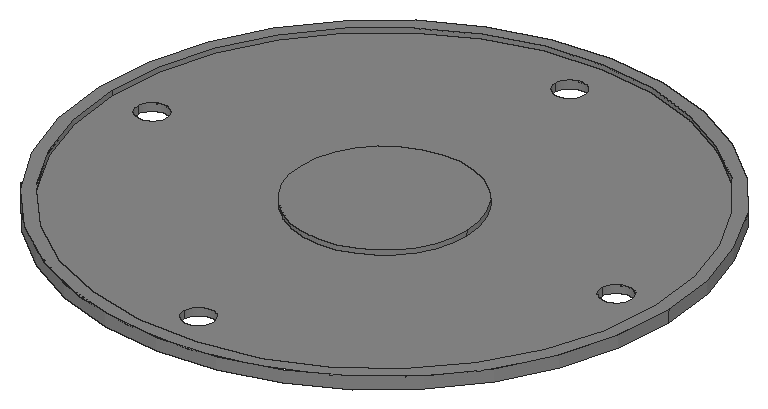
Revit family "a21c3b94cb94443cb674364ef0158597", category Site, Revit 2021
Family settings
  Round Connector Dimension = Use Diameter
  Part Type = Normal
  Seek Item ID = Manhole-0000-USA-ENU
  Work Plane-Based = No
  Always vertical = No
  Cut with Voids When Loaded = No
  Shared = No
Parameters (values of type "Manhole")
  Diameter = 2' - 0"
Reference planes (in)
  plane 1 "Center (Front/Back)": y = 0
  plane 2: z = 0
  plane 3 "Center (Left/Right)": x = 0
  plane 4: x = -12
  plane 5: x = 12
  plane 6: y = 12
  plane 7: y = -12
  plane 8: x = -12
  plane 9: x = 12
Forms (in)
  Extrusion 1, solid, material "Steel, Paint Finish, Dark Gray, Matte"
    sketch origin (0, 0, 0) x (1, 0, 0) y (0, 1, 0)
      loop
        circle (0, 0) r 12
      loop
        circle (0, -9.7853) r 0.63034
      loop
        circle (0, 9.7853) r 0.63034
      loop
        circle (-9.7853, 0) r 0.63034
      loop
        circle (9.7853, 0) r 0.63034
    from 0 to 0.5
  Extrusion 2, void
    sketch origin (0, 0, 0) x (1, 0, 0) y (0, 1, 0)
      loop
        circle (0, 0) r 3.5
      loop
        circle (0, 0) r 11.5
    from 0.3125 to 0.5
Cuts and joins
  Extrusion 2 cuts Extrusion 1
Dimensions and locks (in)
  "Diameter": plane 6 to plane 7
  "Diameter": plane 4 to plane 5
  equal spacing: plane 4, plane 3 "Center (Left/Right)", plane 5
  equal spacing: plane 6, plane 1 "Center (Front/Back)", plane 7
  "Diameter": plane 8 to plane 9
  locked: plane 8 to Extrusion 2 sketch curve at 0.5
  equal spacing: plane 8, plane 3 "Center (Left/Right)", plane 9
Automatic sketch dimensions
  Extrusion 1 sketch curve to plane 1 "Center (Front/Back)" = 0' - 0"  (x3)
  Extrusion 1 sketch curve to plane 4 = 0' - 0"
  Extrusion 1 sketch curve to plane 3 "Center (Left/Right)" = 0' - 0"  (x3)
  Extrusion 1 sketch curve to Extrusion 1 sketch curve = 0' - 1.58436"
  Extrusion 1 sketch curve to Extrusion 1 sketch curve = 0' - 0.63034"  (x2)
  Extrusion 1 sketch curve to plane 3 "Center (Left/Right)" = 0' - 0.63034"  (x2)
  Extrusion 1 sketch curve to Extrusion 1 sketch curve = 0' - 2.84504"
  plane 7 to Extrusion 1 sketch curve = 0' - 2.2147"
  Extrusion 1 sketch curve to plane 6 = 0' - 2.2147"
  Extrusion 2 sketch curve to plane 1 "Center (Front/Back)" = 0' - 0"  (x2)
  Extrusion 2 sketch curve to plane 3 "Center (Left/Right)" = 0' - 0"  (x2)
  Extrusion 2 sketch curve to plane 3 "Center (Left/Right)" = 0' - 3 1/2"
